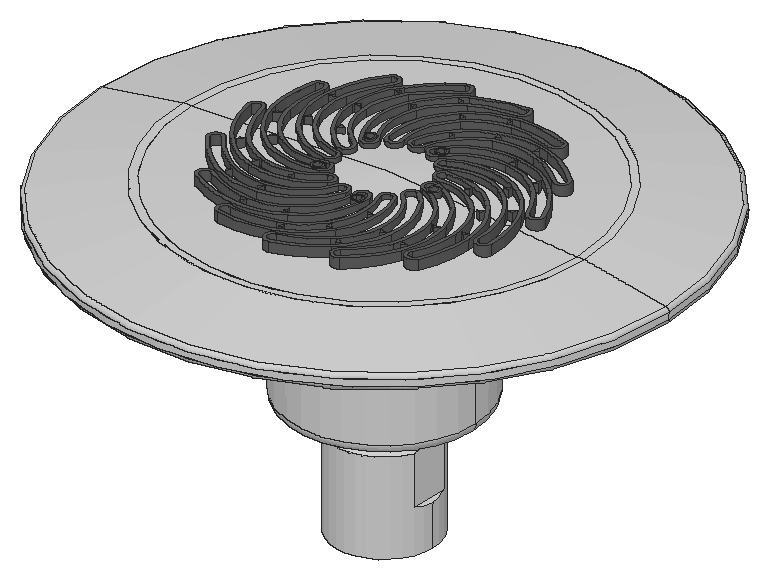
Revit family "92-S-4000-04.pdf", category Generic Models, host Face, Revit 2023
Family settings
  Host = Face
  Can host rebar = No
  Round Connector Dimension = Use Diameter
  Part Type = Normal
  Cut with Voids When Loaded = No
  Maintain Annotation Orientation = No
  Shared = No
  Room Calculation Point = No
Parameters
  Nosal Material = Rubber
  Material = Steel
  Default Elevation = 4' - 0"
Reference planes (in)
  plane 1 "Center (Front/Back)": y = 0
  plane 2: z = 0
  plane 3 "Center (Left/Right)": x = 0
  plane 4: x = 2.75
  plane 5: x = -2.75
  plane 6: y = 2.75
  plane 7: y = -2.75
Forms (in)
  Extrusion 1, solid, material "Rubber" <- "Nosal Material"
    sketch origin (0, 0, 3.02635) x (0, 1, 0) y (-1, 0, 0)
      loop
        arc (0.47278, 0.11537) -> (0.38019, 0.05509) -> (0.44047, -0.0375) r 0.07812
        arc (0.44047, -0.0375) -> (0.67849, -0.156) -> (0.82896, -0.37521) r 0.52977
        arc (0.82896, -0.37521) -> (0.86536, -0.56973) -> (0.83757, -0.76567) r 0.61001
        arc (0.83757, -0.76567) -> (0.7538, -0.95249) -> (0.62876, -1.11461) r 0.87169
        arc (0.62876, -1.11461) -> (0.62826, -1.22561) -> (0.73925, -1.2251) r 0.07813
        arc (0.73925, -1.2251) -> (0.88744, -1.03344) -> (0.98666, -0.81241) r 1.02794
        arc (0.98666, -0.81241) -> (1.02157, -0.56629) -> (0.97584, -0.32193) r 0.76626
        arc (0.97584, -0.32193) -> (0.78099, -0.03807) -> (0.47278, 0.11537) r 0.68602
      loop
        arc (0.94647, -0.33259) -> (0.76049, -0.06166) -> (0.46632, 0.0848) r 0.65477
        arc (0.46632, 0.0848) -> (0.41076, 0.04863) -> (0.44693, -0.00692) r 0.04688
        arc (0.44693, -0.00692) -> (0.69899, -0.13241) -> (0.85833, -0.36455) r 0.56102
        arc (0.85833, -0.36455) -> (0.8966, -0.56904) -> (0.86738, -0.77502) r 0.64126
        arc (0.86738, -0.77502) -> (0.7805, -0.96872) -> (0.65078, -1.13679) r 0.90294
        arc (0.65078, -1.13679) -> (0.65118, -1.20272) -> (0.71716, -1.203) r 0.04688
        arc (0.71716, -1.203) -> (0.86071, -1.01725) -> (0.95684, -0.80307) r 0.99669
        arc (0.95684, -0.80307) -> (0.99032, -0.56697) -> (0.94647, -0.33259) r 0.73501
      loop
        line (0.72542, -0.04858) -> (0.68077, -0.09323) -> (0.72542, -0.09323) -> (0.72542, -0.04858)
      loop
        line (0.94199, -0.35415) -> (0.87981, -0.36511) -> (0.91638, -0.39072) -> (0.94199, -0.35415)
      loop
        line (0.95802, -0.72395) -> (0.89503, -0.71955) -> (0.92432, -0.75324) -> (0.95802, -0.72395)
    from 0 to 0.09766
  Revolve 2, solid, material "Steel" <- "Material"
    sketch origin (0.01254, 0, -5.24323) x (1, 0, 0) y (0, 0, 1)
      loop
        line (-0.48534, 6.12746) -> (-0.48534, 5.24323) -> (-0.01254, 5.24323) -> (-0.01254, 8.35238)
        arc (-0.01254, 8.35238) -> (-0.94596, 8.32792) -> (-1.8768, 8.2546) r 17.81957
        line (-1.8768, 8.2546) -> (-1.95098, 8.2546)
        arc (-1.95098, 8.2546) -> (-2.34221, 8.1983) -> (-2.72949, 8.11929) r 6.7794
        arc (-2.72949, 8.11929) -> (-2.75324, 8.10423) -> (-2.76249, 8.07767) r 0.04276
        line (-2.76249, 8.07767) -> (-2.76249, 8.01536)
        arc (-2.76249, 8.01536) -> (-2.75428, 7.99256) -> (-2.73341, 7.98023) r 0.03576
        line (-2.73341, 7.98023) -> (-2.62641, 7.95986) -> (-1.76523, 7.88476) -> (-1.75976, 7.58676)
        arc (-1.75976, 7.58676) -> (-1.74044, 7.52929) -> (-1.69169, 7.49324) r 0.10098
        arc (-1.69169, 7.49324) -> (-1.32621, 7.39686) -> (-0.95052, 7.35542) r 2.55678
        arc (-0.95052, 7.35542) -> (-0.92184, 7.31737) -> (-0.91113, 7.27095) r 0.11453
        line (-0.91113, 7.27095) -> (-0.89716, 6.46175)
        arc (-0.89716, 6.46175) -> (-0.86831, 6.39458) -> (-0.80066, 6.3669) r 0.09652
        line (-0.80066, 6.3669) -> (-0.43662, 6.3669) -> (-0.3742, 6.29509)
        arc (-0.3742, 6.29509) -> (-0.35569, 6.22223) -> (-0.40326, 6.16401) r 0.08351
        line (-0.40326, 6.16401) -> (-0.48534, 6.12746)
      axis (-0.01254, 5.24323) -> (-0.01254, 8.35238)
    angle from 0 to 360
  Extrusion 3, solid, material "Rubber" <- "Nosal Material"
    sketch origin (0, 0, 3.02635) x (0, 1, 0) y (-1, 0, 0)
      loop
        arc (0.47883, -0.0869) -> (0.36973, -0.10431) -> (0.38714, -0.21341) r 0.07812
        arc (0.38714, -0.21341) -> (0.55638, -0.41848) -> (0.60468, -0.67993) r 0.52977
        arc (0.60468, -0.67993) -> (0.55881, -0.87245) -> (0.45373, -1.04014) r 0.61001
        arc (0.45373, -1.04014) -> (0.30122, -1.17674) -> (0.12105, -1.27399) r 0.87169
        arc (0.12105, -1.27399) -> (0.07544, -1.37518) -> (0.17705, -1.41987) r 0.07813
        arc (0.17705, -1.41987) -> (0.39038, -1.30505) -> (0.57092, -1.14349) r 1.02794
        arc (0.57092, -1.14349) -> (0.70292, -0.93284) -> (0.76054, -0.69101) r 0.76626
        arc (0.76054, -0.69101) -> (0.69799, -0.35244) -> (0.47883, -0.0869) r 0.68602
      loop
        arc (0.72936, -0.6888) -> (0.66967, -0.36565) -> (0.46049, -0.1122) r 0.65477
        arc (0.46049, -0.1122) -> (0.39503, -0.12265) -> (0.40548, -0.18811) r 0.04688
        arc (0.40548, -0.18811) -> (0.5847, -0.40527) -> (0.63585, -0.68215) r 0.56102
        arc (0.63585, -0.68215) -> (0.58763, -0.88452) -> (0.47717, -1.06081) r 0.64126
        arc (0.47717, -1.06081) -> (0.319, -1.20243) -> (0.13215, -1.30321) r 0.90294
        arc (0.13215, -1.30321) -> (0.10569, -1.3636) -> (0.16585, -1.39069) r 0.04688
        arc (0.16585, -1.39069) -> (0.37255, -1.27939) -> (0.54748, -1.12282) r 0.99669
        arc (0.54748, -1.12282) -> (0.6741, -0.92076) -> (0.72936, -0.6888) r 0.73501
      loop
        line (0.71651, -0.70668) -> (0.65524, -0.6914) -> (0.67824, -0.72967) -> (0.71651, -0.70668)
      loop
        line (0.58074, -1.05102) -> (0.52499, -1.02138) -> (0.53804, -1.06408) -> (0.58074, -1.05102)
    from 0 to 0.09766
  Extrusion 4, solid, material "Rubber" <- "Nosal Material"
    sketch origin (0, 0, 3.02635) x (0, 1, 0) y (-1, 0, 0)
      loop
        arc (0.38498, 0.2977) -> (0.32491, 0.20497) -> (0.41764, 0.1449) r 0.07812
        arc (0.41764, 0.1449) -> (0.68328, 0.13345) -> (0.9099, -0.0056) r 0.52977
        arc (0.9099, -0.0056) -> (1.02227, -0.1685) -> (1.07658, -0.35881) r 0.61001
        arc (1.07658, -0.35881) -> (1.07604, -0.56354) -> (1.02776, -0.76251) r 0.87169
        arc (1.02776, -0.76251) -> (1.07244, -0.86411) -> (1.17364, -0.8185) r 0.07813
        arc (1.17364, -0.8185) -> (1.23106, -0.58314) -> (1.2318, -0.34087) r 1.02794
        arc (1.2318, -0.34087) -> (1.16358, -0.10182) -> (1.02242, 0.10281) r 0.76626
        arc (1.02242, 0.10281) -> (0.72896, 0.28288) -> (0.38498, 0.2977) r 0.68602
      loop
        arc (0.99992, 0.08113) -> (0.71982, 0.25299) -> (0.39151, 0.26714) r 0.65477
        arc (0.39151, 0.26714) -> (0.35547, 0.2115) -> (0.41111, 0.17546) r 0.04688
        arc (0.41111, 0.17546) -> (0.69241, 0.16334) -> (0.9324, 0.01608) r 0.56102
        arc (0.9324, 0.01608) -> (1.05053, -0.15517) -> (1.10762, -0.35522) r 0.64126
        arc (1.10762, -0.35522) -> (1.10704, -0.56752) -> (1.05689, -0.77381) r 0.90294
        arc (1.05689, -0.77381) -> (1.08408, -0.83388) -> (1.14446, -0.8073) r 0.04688
        arc (1.14446, -0.8073) -> (1.20005, -0.57922) -> (1.20075, -0.34445) r 0.99669
        arc (1.20075, -0.34445) -> (1.13532, -0.11516) -> (0.99992, 0.08113) r 0.73501
      loop
        line (1.0046, 0.05961) -> (0.95225, 0.0243) -> (0.99608, 0.01578) -> (1.0046, 0.05961)
      loop
        line (1.16965, -0.2717) -> (1.11032, -0.2933) -> (1.15078, -0.31217) -> (1.16965, -0.2717)
    from 0 to 0.09766
  Extrusion 5, solid, material "Rubber" <- "Nosal Material"
    sketch origin (0, 0, 3.02635) x (0, 1, 0) y (-1, 0, 0)
      loop
        arc (0.23061, 0.42854) -> (0.21345, 0.3194) -> (0.3226, 0.30224) r 0.07812
        arc (0.3226, 0.30224) -> (0.56992, 0.39983) -> (0.83351, 0.36497) r 0.52977
        arc (0.83351, 0.36497) -> (1.00243, 0.26186) -> (1.12944, 0.1101) r 0.61001
        arc (1.12944, 0.1101) -> (1.21222, -0.07716) -> (1.24904, -0.27856) r 0.87169
        arc (1.24904, -0.27856) -> (1.33119, -0.3532) -> (1.40509, -0.27038) r 0.07813
        arc (1.40509, -0.27038) -> (1.36181, -0.03201) -> (1.26395, 0.18962) r 1.02794
        arc (1.26395, 0.18962) -> (1.10439, 0.38025) -> (0.89221, 0.50978) r 0.76626
        arc (0.89221, 0.50978) -> (0.55088, 0.55492) -> (0.23061, 0.42854) r 0.68602
      loop
        arc (0.88047, 0.48082) -> (0.55469, 0.5239) -> (0.24901, 0.40328) r 0.65477
        arc (0.24901, 0.40328) -> (0.23871, 0.3378) -> (0.3042, 0.3275) r 0.04688
        arc (0.3042, 0.3275) -> (0.56612, 0.43085) -> (0.84525, 0.39393) r 0.56102
        arc (0.84525, 0.39393) -> (1.02282, 0.28554) -> (1.15634, 0.126) r 0.64126
        arc (1.15634, 0.126) -> (1.24216, -0.06818) -> (1.28026, -0.27703) r 0.90294
        arc (1.28026, -0.27703) -> (1.32952, -0.32086) -> (1.37388, -0.27201) r 0.04688
        arc (1.37388, -0.27201) -> (1.33189, -0.04104) -> (1.23705, 0.17372) r 0.99669
        arc (1.23705, 0.17372) -> (1.084, 0.35657) -> (0.88047, 0.48082) r 0.73501
      loop
        line (0.8935, 0.46307) -> (0.86004, 0.40952) -> (0.90355, 0.41956) -> (0.8935, 0.46307)
      loop
        line (1.17904, 0.22753) -> (1.13362, 0.18367) -> (1.17826, 0.18289) -> (1.17904, 0.22753)
    from 0 to 0.09766
  Extrusion 6, solid, material "Rubber" <- "Nosal Material"
    sketch origin (0, 0, 3.02635) x (0, 1, 0) y (-1, 0, 0)
      loop
        arc (0.03637, 0.48529) -> (0.06509, 0.3786) -> (0.17178, 0.40732) r 0.07812
        arc (0.17178, 0.40732) -> (0.35803, 0.59707) -> (0.613, 0.67244) r 0.52977
        arc (0.613, 0.67244) -> (0.80925, 0.64695) -> (0.98702, 0.55997) r 0.61001
        arc (0.98702, 0.55997) -> (1.1388, 0.42257) -> (1.25436, 0.25356) r 0.87169
        arc (1.25436, 0.25356) -> (1.35976, 0.21878) -> (1.39358, 0.3245) r 0.07813
        arc (1.39358, 0.3245) -> (1.25709, 0.52466) -> (1.07755, 0.68732) r 1.02794
        arc (1.07755, 0.68732) -> (0.85425, 0.79658) -> (0.60773, 0.8286) r 0.76626
        arc (0.60773, 0.8286) -> (0.27755, 0.731) -> (0.03637, 0.48529) r 0.68602
      loop
        arc (0.60878, 0.79737) -> (0.29365, 0.70422) -> (0.06345, 0.4697) r 0.65477
        arc (0.06345, 0.4697) -> (0.08068, 0.40569) -> (0.14469, 0.42292) r 0.04688
        arc (0.14469, 0.42292) -> (0.34193, 0.62386) -> (0.61195, 0.70367) r 0.56102
        arc (0.61195, 0.70367) -> (0.81825, 0.67687) -> (1.00512, 0.58544) r 0.64126
        arc (1.00512, 0.58544) -> (1.1625, 0.44294) -> (1.28225, 0.26764) r 0.90294
        arc (1.28225, 0.26764) -> (1.34508, 0.24765) -> (1.36574, 0.31031) r 0.04688
        arc (1.36574, 0.31031) -> (1.23343, 0.50424) -> (1.05944, 0.66185) r 0.99669
        arc (1.05944, 0.66185) -> (0.84525, 0.76665) -> (0.60878, 0.79737) r 0.73501
      loop
        line (0.27037, 0.6749) -> (0.29904, 0.61864) -> (0.31284, 0.66111) -> (0.27037, 0.6749)
      loop
        line (0.62791, 0.78645) -> (0.61912, 0.72392) -> (0.65478, 0.75079) -> (0.62791, 0.78645)
      loop
        line (0.98456, 0.68742) -> (0.96091, 0.62887) -> (1.00201, 0.64632) -> (0.98456, 0.68742)
    from 0 to 0.09766
  Extrusion 7, solid, material "Rubber" <- "Nosal Material"
    sketch origin (0, 0, 3.02635) x (0, 1, 0) y (-1, 0, 0)
      loop
        arc (-0.16416, 0.45813) -> (-0.09453, 0.37235) -> (-0.00875, 0.44198) r 0.07812
        arc (-0.00875, 0.44198) -> (0.08422, 0.69107) -> (0.2865, 0.86363) r 0.52977
        arc (0.2865, 0.86363) -> (0.47615, 0.92017) -> (0.67393, 0.91301) r 0.61001
        arc (0.67393, 0.91301) -> (0.86848, 0.84923) -> (1.04278, 0.74183) r 0.87169
        arc (1.04278, 0.74183) -> (1.15322, 0.75293) -> (1.14112, 0.86326) r 0.07813
        arc (1.14112, 0.86326) -> (0.93501, 0.99061) -> (0.70483, 1.06618) r 1.02794
        arc (0.70483, 1.06618) -> (0.4564, 1.07516) -> (0.21817, 1.00415) r 0.76626
        arc (0.21817, 1.00415) -> (-0.04377, 0.7807) -> (-0.16416, 0.45813) r 0.68602
      loop
        arc (0.23183, 0.97605) -> (-0.01817, 0.76277) -> (-0.13308, 0.4549) r 0.65477
        arc (-0.13308, 0.4549) -> (-0.0913, 0.40343) -> (-0.03983, 0.44521) r 0.04688
        arc (-0.03983, 0.44521) -> (0.05862, 0.709) -> (0.27283, 0.89174) r 0.56102
        arc (0.27283, 0.89174) -> (0.4722, 0.95117) -> (0.68011, 0.94364) r 0.64126
        arc (0.68011, 0.94364) -> (0.88183, 0.87748) -> (1.06254, 0.76604) r 0.90294
        arc (1.06254, 0.76604) -> (1.12807, 0.77333) -> (1.12145, 0.83898) r 0.04688
        arc (1.12145, 0.83898) -> (0.92171, 0.96233) -> (0.69865, 1.03554) r 0.99669
        arc (0.69865, 1.03554) -> (0.46035, 1.04416) -> (0.23183, 0.97605) r 0.73501
      loop
        line (0.25374, 0.97385) -> (0.27115, 0.91316) -> (0.2928, 0.95221) -> (0.25374, 0.97385)
      loop
        line (0.61984, 1.02845) -> (0.62205, 0.96534) -> (0.6525, 0.998) -> (0.61984, 1.02845)
    from 0 to 0.09766
  Extrusion 8, solid, material "Rubber" <- "Nosal Material"
    sketch origin (0, 0, 3.02635) x (0, 1, 0) y (-1, 0, 0)
      loop
        arc (-0.33631, 0.35175) -> (-0.23781, 0.30171) -> (-0.18776, 0.40021) r 0.07812
        arc (-0.18776, 0.40021) -> (-0.20415, 0.66558) -> (-0.08954, 0.9055) r 0.52977
        arc (-0.08954, 0.9055) -> (0.06072, 1.03428) -> (0.24431, 1.10819) r 0.61001
        arc (0.24431, 1.10819) -> (0.44798, 1.12905) -> (0.6509, 1.10183) r 0.87169
        arc (0.6509, 1.10183) -> (0.74728, 1.15689) -> (0.69134, 1.25276) r 0.07813
        arc (0.69134, 1.25276) -> (0.45126, 1.28527) -> (0.21024, 1.26068) r 1.02794
        arc (0.21024, 1.26068) -> (-0.02037, 1.16785) -> (-0.20912, 1.00607) r 0.76626
        arc (-0.20912, 1.00607) -> (-0.35752, 0.6954) -> (-0.33631, 0.35175) r 0.68602
      loop
        arc (-0.1852, 0.98596) -> (-0.32685, 0.68944) -> (-0.3066, 0.36144) r 0.65477
        arc (-0.3066, 0.36144) -> (-0.2475, 0.33141) -> (-0.21747, 0.39052) r 0.04688
        arc (-0.21747, 0.39052) -> (-0.23482, 0.67155) -> (-0.11346, 0.92561) r 0.56102
        arc (-0.11346, 0.92561) -> (0.04451, 1.061) -> (0.23749, 1.13869) r 0.64126
        arc (0.23749, 1.13869) -> (0.44869, 1.16029) -> (0.6591, 1.13199) r 0.90294
        arc (0.6591, 1.13199) -> (0.716, 1.1653) -> (0.68325, 1.22258) r 0.04688
        arc (0.68325, 1.22258) -> (0.4506, 1.25402) -> (0.21706, 1.23018) r 0.99669
        arc (0.21706, 1.23018) -> (-0.00415, 1.14113) -> (-0.1852, 0.98596) r 0.73501
      loop
        line (-0.16429, 0.99287) -> (-0.12371, 0.9445) -> (-0.11982, 0.98897) -> (-0.16429, 0.99287)
      loop
        line (0.14795, 1.19165) -> (0.17563, 1.13489) -> (0.19017, 1.17711) -> (0.14795, 1.19165)
    from 0 to 0.09766
  Extrusion 9, solid, material "Rubber" <- "Nosal Material"
    sketch origin (0, 0, 3.02635) x (0, 1, 0) y (-1, 0, 0)
      loop
        arc (-0.4503, 0.18455) -> (-0.33996, 0.1789) -> (-0.33431, 0.28924) r 0.07812
        arc (-0.33431, 0.28924) -> (-0.45721, 0.52501) -> (-0.4501, 0.7908) r 0.52977
        arc (-0.4501, 0.7908) -> (-0.36521, 0.96956) -> (-0.22756, 1.11175) r 0.61001
        arc (-0.22756, 1.11175) -> (-0.04998, 1.21365) -> (0.14647, 1.27132) r 0.87169
        arc (0.14647, 1.27132) -> (0.21212, 1.36082) -> (0.12203, 1.42565) r 0.07813
        arc (0.12203, 1.42565) -> (-0.11052, 1.35769) -> (-0.3207, 1.2372) r 1.02794
        arc (-0.3207, 1.2372) -> (-0.49361, 1.0586) -> (-0.60025, 0.83404) r 0.76626
        arc (-0.60025, 0.83404) -> (-0.60946, 0.48986) -> (-0.4503, 0.18455) r 0.68602
      loop
        arc (-0.57022, 0.82539) -> (-0.57901, 0.49689) -> (-0.4271, 0.20549) r 0.65477
        arc (-0.4271, 0.20549) -> (-0.3609, 0.2021) -> (-0.35751, 0.2683) r 0.04688
        arc (-0.35751, 0.2683) -> (-0.48766, 0.51798) -> (-0.48013, 0.79944) r 0.56102
        arc (-0.48013, 0.79944) -> (-0.39089, 0.98737) -> (-0.24618, 1.13684) r 0.64126
        arc (-0.24618, 1.13684) -> (-0.06203, 1.24248) -> (0.14169, 1.3022) r 0.90294
        arc (0.14169, 1.3022) -> (0.18012, 1.35578) -> (0.12692, 1.39478) r 0.04688
        arc (0.12692, 1.39478) -> (-0.09841, 1.32889) -> (-0.30207, 1.21211) r 0.99669
        arc (-0.30207, 1.21211) -> (-0.46793, 1.04079) -> (-0.57022, 0.82539) r 0.73501
      loop
        line (-0.55832, 0.4657) -> (-0.49596, 0.47557) -> (-0.53208, 0.50182) -> (-0.55832, 0.4657)
      loop
        line (-0.55392, 0.8402) -> (-0.49717, 0.81252) -> (-0.51171, 0.85474) -> (-0.55392, 0.8402)
      loop
        line (-0.34953, 1.1488) -> (-0.30116, 1.10821) -> (-0.30505, 1.15269) -> (-0.34953, 1.1488)
    from 0 to 0.09766
  Extrusion 10, solid, material "Rubber" <- "Nosal Material"
    sketch origin (0, 0, 3.02635) x (0, 1, 0) y (-1, 0, 0)
      loop
        arc (-0.48644, -0.01456) -> (-0.38333, 0.02516) -> (-0.42305, 0.12826) r 0.07812
        arc (-0.42305, 0.12826) -> (-0.63123, 0.29365) -> (-0.73283, 0.53936) r 0.52977
        arc (-0.73283, 0.53936) -> (-0.72799, 0.7372) -> (-0.66007, 0.92308) r 0.61001
        arc (-0.66007, 0.92308) -> (-0.53929, 1.0884) -> (-0.38328, 1.22098) r 0.87169
        arc (-0.38328, 1.22098) -> (-0.35971, 1.32945) -> (-0.46839, 1.35203) r 0.07813
        arc (-0.46839, 1.35203) -> (-0.65319, 1.19536) -> (-0.79619, 0.9998) r 1.02794
        arc (-0.79619, 0.9998) -> (-0.88151, 0.76631) -> (-0.88759, 0.51779) r 0.76626
        arc (-0.88759, 0.51779) -> (-0.75601, 0.19962) -> (-0.48644, -0.01456) r 0.68602
      loop
        arc (-0.85664, 0.5221) -> (-0.73105, 0.21843) -> (-0.47376, 0.01401) r 0.65477
        arc (-0.47376, 0.01401) -> (-0.4119, 0.03783) -> (-0.43573, 0.09969) r 0.04688
        arc (-0.43573, 0.09969) -> (-0.65618, 0.27485) -> (-0.76378, 0.53504) r 0.56102
        arc (-0.76378, 0.53504) -> (-0.75869, 0.74302) -> (-0.68729, 0.93842) r 0.64126
        arc (-0.68729, 0.93842) -> (-0.56203, 1.10983) -> (-0.40021, 1.24725) r 0.90294
        arc (-0.40021, 1.24725) -> (-0.38689, 1.31183) -> (-0.45137, 1.32582) r 0.04688
        arc (-0.45137, 1.32582) -> (-0.63041, 1.17397) -> (-0.76896, 0.98446) r 0.99669
        arc (-0.76896, 0.98446) -> (-0.8508, 0.76048) -> (-0.85664, 0.5221) r 0.73501
      loop
        line (-0.84778, 0.54226) -> (-0.78467, 0.54006) -> (-0.81512, 0.57271) -> (-0.84778, 0.54226)
      loop
        line (-0.78657, 0.90731) -> (-0.72587, 0.88991) -> (-0.74752, 0.92896) -> (-0.78657, 0.90731)
    from 0 to 0.09766
  Extrusion 11, solid, material "Rubber" <- "Nosal Material"
    sketch origin (0, 0, 3.02635) x (0, 1, 0) y (-1, 0, 0)
      loop
        arc (-0.43846, -0.21115) -> (-0.36042, -0.13293) -> (-0.43864, -0.0549) r 0.07812
        arc (-0.43864, -0.0549) -> (-0.69609, 0.01152) -> (-0.88885, 0.19466) r 0.52977
        arc (-0.88885, 0.19466) -> (-0.9649, 0.37736) -> (-0.97845, 0.5748) r 0.61001
        arc (-0.97845, 0.5748) -> (-0.93536, 0.77495) -> (-0.84676, 0.95953) r 0.87169
        arc (-0.84676, 0.95953) -> (-0.86935, 1.0682) -> (-0.97781, 1.04463) r 0.07813
        arc (-0.97781, 1.04463) -> (-1.08291, 0.82634) -> (-1.13401, 0.58952) r 1.02794
        arc (-1.13401, 0.58952) -> (-1.11698, 0.34152) -> (-1.02145, 0.11201) r 0.76626
        arc (-1.02145, 0.11201) -> (-0.77184, -0.12514) -> (-0.43846, -0.21115) r 0.68602
      loop
        arc (-0.99493, 0.12854) -> (-0.75669, -0.0978) -> (-0.4385, -0.1799) r 0.65477
        arc (-0.4385, -0.1799) -> (-0.39167, -0.13297) -> (-0.4386, -0.08615) r 0.04688
        arc (-0.4386, -0.08615) -> (-0.71124, -0.01581) -> (-0.91537, 0.17813) r 0.56102
        arc (-0.91537, 0.17813) -> (-0.99532, 0.37019) -> (-1.00957, 0.57774) r 0.64126
        arc (-1.00957, 0.57774) -> (-0.96485, 0.78528) -> (-0.87291, 0.97664) r 0.90294
        arc (-0.87291, 0.97664) -> (-0.88701, 1.04105) -> (-0.9516, 1.02761) r 0.04688
        arc (-0.9516, 1.02761) -> (-1.0534, 0.81607) -> (-1.1029, 0.58658) r 0.99669
        arc (-1.1029, 0.58658) -> (-1.08656, 0.34868) -> (-0.99493, 0.12854) r 0.73501
      loop
        line (-0.99504, 0.15056) -> (-0.9365, 0.17421) -> (-0.97759, 0.19166) -> (-0.99504, 0.15056)
      loop
        line (-1.0876, 0.50895) -> (-1.02508, 0.51773) -> (-1.06073, 0.5446) -> (-1.0876, 0.50895)
    from 0 to 0.09766
  Extrusion 12, solid, material "Rubber" <- "Nosal Material"
    sketch origin (0, 0, 3.02635) x (0, 1, 0) y (-1, 0, 0)
      loop
        arc (-0.31467, -0.37123) -> (-0.2752, -0.26804) -> (-0.37839, -0.22856) r 0.07812
        arc (-0.37839, -0.22856) -> (-0.6406, -0.2726) -> (-0.89118, -0.1837) r 0.52977
        arc (-0.89118, -0.1837) -> (-1.03497, -0.04772) -> (-1.12765, 0.12713) r 0.61001
        arc (-1.12765, 0.12713) -> (-1.16969, 0.32751) -> (-1.16383, 0.53216) r 0.87169
        arc (-1.16383, 0.53216) -> (-1.22866, 0.62226) -> (-1.31817, 0.5566) r 0.07813
        arc (-1.31817, 0.5566) -> (-1.3254, 0.31444) -> (-1.27575, 0.07731) r 1.02794
        arc (-1.27575, 0.07731) -> (-1.15932, -0.14233) -> (-0.9787, -0.31314) r 0.76626
        arc (-0.9787, -0.31314) -> (-0.65422, -0.42825) -> (-0.31467, -0.37123) r 0.68602
      loop
        arc (-0.9612, -0.28725) -> (-0.65149, -0.39712) -> (-0.32741, -0.3427) r 0.65477
        arc (-0.32741, -0.3427) -> (-0.30373, -0.28078) -> (-0.36564, -0.2571) r 0.04688
        arc (-0.36564, -0.2571) -> (-0.64332, -0.30373) -> (-0.90868, -0.20959) r 0.56102
        arc (-0.90868, -0.20959) -> (-1.05984, -0.06664) -> (-1.15727, 0.11717) r 0.64126
        arc (-1.15727, 0.11717) -> (-1.20084, 0.32495) -> (-1.19468, 0.53716) r 0.90294
        arc (-1.19468, 0.53716) -> (-1.23376, 0.59027) -> (-1.2873, 0.55172) r 0.04688
        arc (-1.2873, 0.55172) -> (-1.29426, 0.31706) -> (-1.24613, 0.08728) r 0.99669
        arc (-1.24613, 0.08728) -> (-1.13445, -0.12341) -> (-0.9612, -0.28725) r 0.73501
      loop
        line (-0.61544, -0.38709) -> (-0.60556, -0.32472) -> (-0.64168, -0.35097) -> (-0.61544, -0.38709)
      loop
        line (-0.97025, -0.26718) -> (-0.92639, -0.22176) -> (-0.97103, -0.22253) -> (-0.97025, -0.26718)
      loop
        line (-1.20058, 0.02258) -> (-1.14704, 0.05604) -> (-1.19054, 0.06608) -> (-1.20058, 0.02258)
    from 0 to 0.09766
  Extrusion 13, solid, material "Rubber" <- "Nosal Material"
    sketch origin (0, 0, 3.02635) x (0, 1, 0) y (-1, 0, 0)
      loop
        arc (-0.13647, -0.46713) -> (-0.14238, -0.3568) -> (-0.25271, -0.36271) r 0.07812
        arc (-0.25271, -0.36271) -> (-0.47434, -0.50959) -> (-0.73942, -0.53029) r 0.52977
        arc (-0.73942, -0.53029) -> (-0.92608, -0.46455) -> (-1.08187, -0.34252) r 0.61001
        arc (-1.08187, -0.34252) -> (-1.20178, -0.17656) -> (-1.27966, 0.01278) r 0.87169
        arc (-1.27966, 0.01278) -> (-1.37554, 0.06872) -> (-1.4306, -0.02766) r 0.07813
        arc (-1.4306, -0.02766) -> (-1.3387, -0.25183) -> (-1.1969, -0.44826) r 1.02794
        arc (-1.1969, -0.44826) -> (-1.0012, -0.60156) -> (-0.76673, -0.68414) r 0.76626
        arc (-0.76673, -0.68414) -> (-0.42347, -0.65732) -> (-0.13647, -0.46713) r 0.68602
      loop
        arc (-0.76126, -0.65337) -> (-0.43364, -0.62778) -> (-0.15972, -0.44624) r 0.65477
        arc (-0.15972, -0.44624) -> (-0.16327, -0.38005) -> (-0.22946, -0.38359) r 0.04688
        arc (-0.22946, -0.38359) -> (-0.46417, -0.53913) -> (-0.74488, -0.56106) r 0.56102
        arc (-0.74488, -0.56106) -> (-0.9411, -0.49196) -> (-1.10488, -0.36367) r 0.64126
        arc (-1.10488, -0.36367) -> (-1.22919, -0.19157) -> (-1.30988, 0.0048) r 0.90294
        arc (-1.30988, 0.0048) -> (-1.36718, 0.03742) -> (-1.40041, -0.01957) r 0.04688
        arc (-1.40041, -0.01957) -> (-1.31132, -0.23678) -> (-1.1739, -0.42712) r 0.99669
        arc (-1.1739, -0.42712) -> (-0.98618, -0.57416) -> (-0.76126, -0.65337) r 0.73501
      loop
        line (-0.7777, -0.63872) -> (-0.7561, -0.57938) -> (-0.79657, -0.59825) -> (-0.7777, -0.63872)
      loop
        line (-1.10597, -0.4677) -> (-1.07066, -0.41535) -> (-1.11449, -0.42387) -> (-1.10597, -0.4677)
    from 0 to 0.09766
  Extrusion 14, solid, material "Rubber" <- "Nosal Material"
    sketch origin (0, 0, 3.02635) x (0, 1, 0) y (-1, 0, 0)
      loop
        arc (0.06532, -0.48225) -> (0.01505, -0.38386) -> (-0.08333, -0.43414) r 0.07812
        arc (-0.08333, -0.43414) -> (-0.22606, -0.65846) -> (-0.4598, -0.7852) r 0.52977
        arc (-0.4598, -0.7852) -> (-0.65706, -0.80106) -> (-0.84903, -0.75294) r 0.61001
        arc (-0.84903, -0.75294) -> (-1.02606, -0.65011) -> (-1.17423, -0.50881) r 0.87169
        arc (-1.17423, -0.50881) -> (-1.28456, -0.49671) -> (-1.29566, -0.60715) r 0.07813
        arc (-1.29566, -0.60715) -> (-1.12054, -0.77456) -> (-0.9111, -0.89633) r 1.02794
        arc (-0.9111, -0.89633) -> (-0.66997, -0.95678) -> (-0.42217, -0.93685) r 0.76626
        arc (-0.42217, -0.93685) -> (-0.1195, -0.77274) -> (0.06532, -0.48225) r 0.68602
      loop
        arc (-0.4297, -0.90652) -> (-0.14081, -0.74988) -> (0.03559, -0.47263) r 0.65477
        arc (0.03559, -0.47263) -> (0.00543, -0.4136) -> (-0.0536, -0.44376) r 0.04688
        arc (-0.0536, -0.44376) -> (-0.20475, -0.68132) -> (-0.45227, -0.81553) r 0.56102
        arc (-0.45227, -0.81553) -> (-0.65964, -0.8322) -> (-0.86144, -0.78162) r 0.64126
        arc (-0.86144, -0.78162) -> (-1.045, -0.67496) -> (-1.19859, -0.52839) r 0.90294
        arc (-1.19859, -0.52839) -> (-1.2642, -0.5219) -> (-1.27138, -0.58748) r 0.04688
        arc (-1.27138, -0.58748) -> (-1.10164, -0.74967) -> (-0.89868, -0.86766) r 0.99669
        arc (-0.89868, -0.86766) -> (-0.66739, -0.92563) -> (-0.4297, -0.90652) r 0.73501
      loop
        line (-0.45067, -0.89981) -> (-0.45508, -0.83683) -> (-0.48437, -0.87052) -> (-0.45067, -0.89981)
      loop
        line (-0.82013, -0.8771) -> (-0.80916, -0.81492) -> (-0.84573, -0.84053) -> (-0.82013, -0.8771)
    from 0 to 0.09766
  Extrusion 15, solid, material "Rubber" <- "Nosal Material"
    sketch origin (0, 0, 3.02635) x (0, 1, 0) y (-1, 0, 0)
      loop
        arc (0.25582, -0.41399) -> (0.16988, -0.34456) -> (0.10045, -0.4305) r 0.07812
        arc (0.10045, -0.4305) -> (0.0613, -0.69348) -> (-0.10068, -0.90433) r 0.52977
        arc (-0.10068, -0.90433) -> (-0.27444, -0.99906) -> (-0.46937, -1.03318) r 0.61001
        arc (-0.46937, -1.03318) -> (-0.67293, -1.01124) -> (-0.86576, -0.94242) r 0.87169
        arc (-0.86576, -0.94242) -> (-0.97148, -0.97624) -> (-0.9367, -1.08165) r 0.07813
        arc (-0.9367, -1.08165) -> (-0.70862, -1.16336) -> (-0.46776, -1.18942) r 1.02794
        arc (-0.46776, -1.18942) -> (-0.22289, -1.14656) -> (-0.00462, -1.02757) r 0.76626
        arc (-0.00462, -1.02757) -> (0.20513, -0.75454) -> (0.25582, -0.41399) r 0.68602
      loop
        arc (-0.02384, -1.00292) -> (0.17636, -0.74232) -> (0.22475, -0.41729) r 0.65477
        arc (0.22475, -0.41729) -> (0.17318, -0.37563) -> (0.13152, -0.4272) r 0.04688
        arc (0.13152, -0.4272) -> (0.09007, -0.70569) -> (-0.08147, -0.92898) r 0.56102
        arc (-0.08147, -0.92898) -> (-0.26413, -1.02856) -> (-0.46905, -1.06443) r 0.64126
        arc (-0.46905, -1.06443) -> (-0.68012, -1.04165) -> (-0.88005, -0.97022) r 0.90294
        arc (-0.88005, -0.97022) -> (-0.94263, -0.99097) -> (-0.92251, -1.0538) r 0.04688
        arc (-0.92251, -1.0538) -> (-0.70148, -1.13293) -> (-0.46808, -1.15817) r 0.99669
        arc (-0.46808, -1.15817) -> (-0.2332, -1.11706) -> (-0.02384, -1.00292) r 0.73501
      loop
        line (0.17796, -0.70493) -> (0.1217, -0.67626) -> (0.1355, -0.71873) -> (0.17796, -0.70493)
      loop
        line (-0.04572, -1.00533) -> (-0.07537, -0.94958) -> (-0.08842, -0.99227) -> (-0.04572, -1.00533)
      loop
        line (-0.39247, -1.13485) -> (-0.40775, -1.07358) -> (-0.43074, -1.11185) -> (-0.39247, -1.13485)
    from 0 to 0.09766
  Extrusion 16, solid, material "Rubber" <- "Nosal Material"
    sketch origin (0, 0, 3.02635) x (0, 1, 0) y (-1, 0, 0)
      loop
        arc (0.40209, -0.27414) -> (0.29534, -0.24567) -> (0.26686, -0.35242) r 0.07812
        arc (0.26686, -0.35242) -> (0.33807, -0.6086) -> (0.27585, -0.8671) r 0.52977
        arc (0.27585, -0.8671) -> (0.15564, -1.02431) -> (-0.00856, -1.13477) r 0.61001
        arc (-0.00856, -1.13477) -> (-0.20345, -1.19752) -> (-0.40759, -1.21308) r 0.87169
        arc (-0.40759, -1.21308) -> (-0.49042, -1.28698) -> (-0.41577, -1.36913) r 0.07813
        arc (-0.41577, -1.36913) -> (-0.17418, -1.351) -> (0.05646, -1.27684) r 1.02794
        arc (0.05646, -1.27684) -> (0.26273, -1.13809) -> (0.41372, -0.94061) r 0.76626
        arc (0.41372, -0.94061) -> (0.49429, -0.60587) -> (0.40209, -0.27414) r 0.68602
      loop
        arc (0.38615, -0.92591) -> (0.46305, -0.60641) -> (0.37505, -0.2898) r 0.65477
        arc (0.37505, -0.2898) -> (0.31099, -0.27272) -> (0.29391, -0.33677) r 0.04688
        arc (0.29391, -0.33677) -> (0.36931, -0.60805) -> (0.30342, -0.8818) r 0.56102
        arc (0.30342, -0.8818) -> (0.17706, -1.04706) -> (0.00444, -1.16318) r 0.64126
        arc (0.00444, -1.16318) -> (-0.19765, -1.22823) -> (-0.40934, -1.24429) r 0.90294
        arc (-0.40934, -1.24429) -> (-0.45807, -1.2887) -> (-0.41413, -1.33792) r 0.04688
        arc (-0.41413, -1.33792) -> (-0.18003, -1.32031) -> (0.04346, -1.24843) r 0.99669
        arc (0.04346, -1.24843) -> (0.24131, -1.11533) -> (0.38615, -0.92591) r 0.73501
      loop
        line (0.36713, -0.93701) -> (0.31737, -0.89814) -> (0.32282, -0.94245) -> (0.36713, -0.93701)
      loop
        line (0.10304, -1.19637) -> (0.06417, -1.14661) -> (0.05873, -1.19092) -> (0.10304, -1.19637)
    from 0 to 0.09766
  Extrusion 17, solid, material "Rubber" <- "Nosal Material"
    sketch origin (0, 0, 3.02635) x (0, 1, 0) y (-1, 0, 0)
      loop
        circle (0.31732, 0.39123) r 0.05491
      loop
        circle (0.31732, 0.39123) r 0.0388
    from 0 to 0.09766
  Extrusion 18, solid, material "Rubber" <- "Nosal Material"
    sketch origin (0, 0, 3.02635) x (0.951057, 0.309017, 0) y (-0.309017, 0.951057, 0)
      loop
        circle (0.31732, 0.39123) r 0.05491
      loop
        circle (0.31732, 0.39123) r 0.0388
    from 0 to 0.09766
  Extrusion 19, solid, material "Rubber" <- "Nosal Material"
    sketch origin (0, 0, 3.02635) x (0.587785, -0.809017, 0) y (0.809017, 0.587785, 0)
      loop
        circle (0.31732, 0.39123) r 0.05491
      loop
        circle (0.31732, 0.39123) r 0.0388
    from 0 to 0.09766
  Extrusion 20, solid, material "Rubber" <- "Nosal Material"
    sketch origin (0, 0, 3.02635) x (-0.587785, -0.809017, 0) y (0.809017, -0.587785, 0)
      loop
        circle (0.31732, 0.39123) r 0.05491
      loop
        circle (0.31732, 0.39123) r 0.0388
    from 0 to 0.09766
  Extrusion 21, solid, material "Rubber" <- "Nosal Material"
    sketch origin (0, 0, 3.02635) x (-0.951057, 0.309017, 0) y (-0.309017, -0.951057, 0)
      loop
        circle (0.31732, 0.39123) r 0.05491
      loop
        circle (0.31732, 0.39123) r 0.0388
    from 0 to 0.09766
  Extrusion 22, void
    sketch origin (0, 0, 0) x (1, 0, 0) y (0, 0, 1)
      loop
        line (-0.43658, 0.95246) -> (-0.5448, 0.95246) -> (-0.5448, 0.34484) -> (-0.43658, 0.42061) -> (-0.43658, 0.95246)
      loop
        line (0.43658, 0.95246) -> (0.43658, 0.42061) -> (0.5448, 0.34484) -> (0.5448, 0.95246) -> (0.43658, 0.95246)
    from -1 to 1
Cuts and joins
  Extrusion 22 cuts Revolve 2
Lines and regions (in)
  symbolic lines
    curve 1: line (-0.28938, 0, 0.2102) -> (-1.42252, 0, 0.2102)
    curve 2: line (-0.28938, 0, 0.2102) -> (-0.50589, 0, 0.3352)
    curve 3: line (-0.28938, 0, 0.2102) -> (-0.50589, 0, 0.0852)
    curve 4: line (0, -0.31698, 0.25927) -> (0, -1.52956, 0.25927)
    curve 5: line (0, -0.31698, 0.25927) -> (0, -0.53349, 0.38427)
    curve 6: line (0, -0.31698, 0.25927) -> (0, -0.53349, 0.13427)
Text (in)
  text "⌀" at (-0.63754, 3.62643, 0), in view "Ref. Level"
  text "Inlet:\n½ NPT Female" at (-1.59061, 0, 0.37786), in view "Back"
  text "⌀" at (0.61649, 0, 3.97076), in view "Back"
  text "Inlet:\n½ NPT Female" at (-1.44814, 0, 0.39587), in view "Front"
  text "⌀" at (-0.64121, 0, 3.79556), in view "Front"
  text "Inlet:\n½ NPT Female" at (0, -1.60994, 0.41907), in view "Left"
  text "⌀" at (0, 0.6633, 4.05306), in view "Left"
  text "Inlet:\n½ NPT Female" at (0, -1.49241, 0.44255), in view "Right"
  text "⌀" at (0, -0.65423, 4.06099), in view "Right"
Dimensions and locks (in)
  plane 5 to plane 4 = 0' - 5 1/2"  (x2)
  cut or joined group of Revolve 2, Extrusion 22 to Extrusion 1 = 0' - 3.124"  (x2)
  plane 4 to plane 5 = 0' - 5 1/2"
  Extrusion 14 to cut or joined group of Revolve 2, Extrusion 22 = 0' - 3.124"
  plane 6 to plane 7 = 0' - 5 1/2"
  cut or joined group of Revolve 2, Extrusion 22 to Extrusion 12 = 0' - 3.124"
  plane 7 to plane 6 = 0' - 5 1/2"
  aligned and locked: host face to plane 2
  aligned and locked: level to host face
